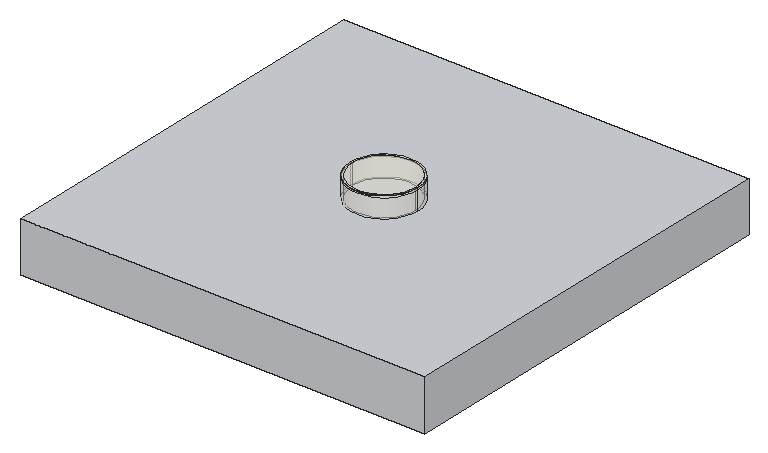
Revit family "4e7e48b83aca43058f84cab51cf73317", category Lighting Fixtures, host Face, Revit 2021
Family settings
  Host = Face
  Round Connector Dimension = Use Diameter
  Part Type = Normal
  OmniClass Number = 23.80.70.11.11
  OmniClass Title = General Luminaries, Non Directional
  Seek Item ID = Sconce Light - Flat Round-0000-USA-ENU
  Cut with Voids When Loaded = No
  Light Source = Yes
  Shared = No
  Room Calculation Point = No
Parameters (values of type "100W - 120V")
  Wattage = 100 W
  built-in parameter 1150110 = 1 (stored number, unit not read)
  built-in parameter 1150109 = 1 (stored number, unit not read)
  built-in parameter 1150134 = 4
  built-in parameter 1150113 = 1 (stored number, unit not read)
  Tilt Angle = -90.00°
  Shade Material = Glass, Frosted
  Radius = 0' - 8"
  Photometric Web File = "TLAE1A21.ies"
  Lumens = 1200 lm
  built-in parameter 1114217 = 1 (stored number, unit not read)
  built-in parameter 1150115 = 1 (stored number, unit not read)
  built-in parameter 1150105 = 95.493 (stored number, unit not read)
  Load Classification = Lighting - Dwelling Unit
  built-in parameter 1150137 = 1
  built-in parameter 1150139 = (empty or 0)
  built-in parameter 1150112 = 1 (stored number, unit not read)
  built-in parameter 1150114 = 1 (stored number, unit not read)
  Lamp = "R-30"
  built-in parameter 1150132 = (empty or 0)
  built-in parameter 1150102 = (empty or 0)
  built-in parameter 1150138 = (empty or 0)
  built-in parameter 1150107 = 2800 (stored number, unit not read)
  built-in parameter 1150106 = 0.95493 (stored number, unit not read)
  built-in parameter 1150104 = 1.1148 (stored number, unit not read)
  Dimming Lamp Color Temperature Shift = <None>
  Default Elevation = 6' - 4"
  Color Filter = 16777215
  built-in parameter 1140040 [instance] = 1
  Ballast Voltage = 120 V
  Ballast Number of Poles = 1
  built-in parameter 1114218 = 1 (stored number, unit not read)
  built-in parameter 1150133 = 10 (stored number, unit not read)
  Assembly Code = "D5020220"
  Apparent Load = 100 VA
Types (4): name | Wattage | Photometric Web File | Lumens | built-in parameter 1150105 | Lamp | built-in parameter 1150106 | built-in parameter 1150104 | Ballast Voltage | Apparent Load
  60W - 120V | 60 W | "TLAE1A19.ies" | 855 lm | 68.039 (stored number, unit not read) | "A-19" | 0.68039 (stored number, unit not read) | 1.3239 (stored number, unit not read) | 120 V | 60 VA
  60W - 277V | 60 W | "TLAE1A19.ies" | 855 lm | 68.039 (stored number, unit not read) | "A-19" | 0.68039 (stored number, unit not read) | 1.3239 (stored number, unit not read) | 277 V | 60 VA
  100W - 120V | 100 W | "TLAE1A21.ies" | 1200 lm | 95.493 (stored number, unit not read) | "R-30" | 0.95493 (stored number, unit not read) | 1.1148 (stored number, unit not read) | 120 V | 100 VA
  100W - 277V | 100 W | "TLAE1A21.ies" | 1200 lm | 95.493 (stored number, unit not read) | "R-30" | 0.95493 (stored number, unit not read) | 1.1148 (stored number, unit not read) | 277 V | 100 VA
Reference planes (in)
  plane 1 "Center (Front/Back)": y = 0
  plane 2: z = 0
  plane 3 "Center (Left/Right)": x = 0
  plane 4: z = 2.5
Forms (in)
  Extrusion 1, solid
    sketch origin (0, 0, 0) x (1, 0, 0) y (0, 1, 0)
      loop
        line (-48, 48) -> (-48, -48) -> (48, -48) -> (48, 48) -> (-48, 48)
    from 0 to -12
  Extrusion 2, solid, material "Glass, Frosted" <- "Shade Material"
    sketch origin (0, 0, 0) x (1, 0, 0) y (0, 1, 0)
      loop
        circle (0, 0) r 8
      loop
        circle (0, 0) r 7.5
    from 0 to 5
  Extrusion 3, solid, material "Glass, Frosted" <- "Shade Material"
    sketch origin (0, 0, 0) x (1, 0, 0) y (0, 1, 0)
      loop
        circle (0, 0) r 8
    from 4.5 to 5
  Extrusion 4, solid, material "Glass, Frosted" <- "Shade Material"
    sketch origin (0, 0, 0) x (1, 0, 0) y (0, 1, 0)
      loop
        circle (0, 0) r 8
    from 0 to 5
Dimensions and locks (in)
  locked: plane 4 to plane 2 at 2.5
  "Radius": radius of Extrusion 4 sketch curve
  "Radius": radius of Extrusion 3 sketch curve
  "Radius": radius of Extrusion 2 sketch curve
  aligned and locked: plane 2 to Extrusion 1
  aligned and locked: level to Extrusion 1
  aligned and locked: plane 3 "Center (Left/Right)" to Extrusion 2 sketch curve  (x2)
  aligned and locked: plane 1 "Center (Front/Back)" to Extrusion 2 sketch curve  (x2)
  aligned and locked: Extrusion 2 to plane 2
  aligned and locked: plane 3 "Center (Left/Right)" to Extrusion 3 sketch curve
  aligned and locked: plane 1 "Center (Front/Back)" to Extrusion 3 sketch curve
  aligned and locked: Extrusion 3 to Extrusion 2
  aligned and locked: plane 3 "Center (Left/Right)" to Extrusion 4 sketch curve
  aligned and locked: plane 1 "Center (Front/Back)" to Extrusion 4 sketch curve
  aligned and locked: Extrusion 4 to plane 2
  aligned and locked: plane 1 "Center (Front/Back)" to imposter light
  aligned and locked: plane 4 to imposter light
  aligned and locked: plane 3 "Center (Left/Right)" to imposter light
Automatic sketch dimensions
  Extrusion 1 sketch curve to Extrusion 1 sketch curve = 8' - 0"  (x2)
  radius of Extrusion 2 sketch curve = 0' - 7 1/2"
Connectors (in)
  electrical at (0, 0, 5), driven by "Apparent Load", driven by "Ballast Voltage", driven by "Ballast Number of Poles", driven by "Load Classification"
    settings: on Extrusion 3, index 1, voltage 120 V, apparent load 0 VA, apparent load phase1 100 VA, apparent load phase2 0 VA, apparent load phase3 0 VA, power factor 0.95, load classification "Lighting - Dwelling Unit", number of poles 1, system type 31, power factor state 1, is connector primary yes, connector utility no, sub classification motor no, connector description ""
